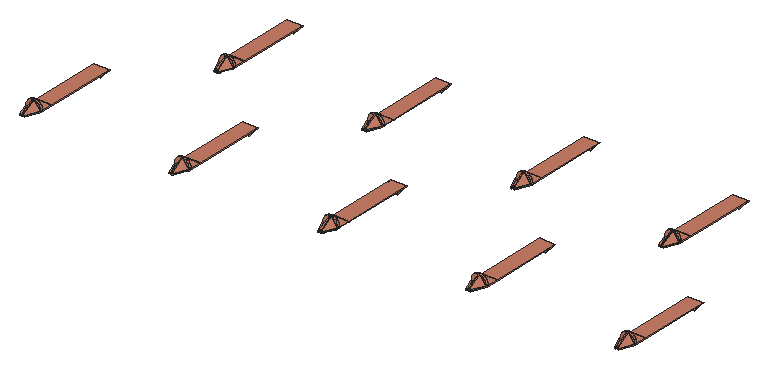
Revit family "Construction_Roof-Accessories_Alpine-SnowGuards_PD10R", category Specialty Equipment, host Face, Revit 2019
Family settings
  Host = Face
  Round Connector Dimension = Use Diameter
  Part Type = Normal
  OmniClass Number = 23.35.20.31.27.14
  OmniClass Title = Snow Guards
  Cut with Voids When Loaded = No
  Shared = No
  Room Calculation Point = No
Parameters (values of type "2x2 Pattern – Two Row")
  z_Option3 = Row Options : Three Rows
  z_Option2 = Row Options : Two Rows
  z_Option1 = Row Options : One Row
  Z_Vertical Spacing = if(Vertical Spacing = 0", 12", Vertical Spacing)  # 24"
  Z_Three Rows [instance] = and((Length > 2 * Z_Horizontal Spacing), Number of Rows = z_Option3)  # no
  Z_Three Row Second Pad [instance] = and(not(or(Z_Three Rows, Z_Two Rows, Z_Custom Row, Number of Rows = z_Option2, Z_CR)), Z_Length > Z_Horizontal Spacing)  # no
  Z_Three Row First Pad [instance] = not(or(Z_Three Rows, Z_Two Rows, Z_Custom Row, Number of Rows = z_Option2, Z_CR))  # no
  Z_Second Row Number [instance] = Z_Number of Pads Control - 1  # 4
  Z_Two Row First Pad [instance] = and(not(or(Z_Three Rows, Z_Two Rows, Z_Custom Row, Z_CR)), or(Z_Length = Z_Horizontal Spacing / 2, Z_Length > Z_Horizontal Spacing / 2))  # no
  Z_Second Row [instance] = Z_Horizontal Spacing / 2  # 12"
  Z_Length [instance] = if(Length < Z_Horizontal Spacing / 2, Z_Horizontal Spacing / 2, Length)  # 100"
  Z_Horizontal Spacing = if(Horizontal Spacing = 0", 24", Horizontal Spacing)  # 24"
  Z_Distance between Pads [instance] = Length / (Z_Number of Pads Control - 1)  # 25"
  Z_Custom Row Second Pad [instance] = and(not(or(Z_Three Rows, Z_Two Rows, Z_Custom Row)), Z_Length > Z_Horizontal Spacing)  # no
  Z_Custom Row First Pad [instance] = not(or(Z_Three Rows, Z_Two Rows))  # no
  Z_Custom Row [instance] = and((Length > 2 * Z_Horizontal Spacing), or(Number of Rows = z_Option1, Number of Rows = z_Option2, Number of Rows = z_Option3))  # yes
  Z_CR = no
  Vertical Spacing = 24"
  URL = "https://www.alpinesnowguards.com/model/pd10r?utm_source=bimobject&utm_medium=productlisting&utm_campaign=2022marketing"
  Z_Two Rows [instance] = and((Length > 2 * Z_Horizontal Spacing), or(Number of Rows = z_Option2, Number of Rows = z_Option3))  # yes
  Surface Offset [instance] = 0"
  Strap Length [instance] = 13 5/8"
  Standard Layouts [instance] = "Standard layouts are shown. Custom layouts are available, please contact Alpine Snow Guard to discuss."  # constant formula
  Snow Guard Count [instance] = if(and(Number of Rows = z_Option1, and(Length > 24", Length < 49")), 2, if(and(Number of Rows = z_Option1, or(Length = 0", Length < 25")), 1, if(and(Number of Rows = z_Option2, or(Length = 0", Length < 25")), 2, if(and(Number of Rows = z_Option3, and(Length > 24", Length < 49")), 5, if(Z_Three Rows, 2 * Z_Number of Pads Control + Z_Second Row Number, if(Z_Two Rows, Z_Number of Pads Control + Z_Second Row Number, Z_Number of Pads Control))))))  # 9
  Product data url = "https://www.bimobject.com/en-us/alpine-snowguards/product/pd10r_retrofit_half_round_pad_style_snow_guard"
  Product Material = Alpine SnowGuards - Copper - Mill Finish
  Product Guid = "6b343875-84f6-4f56-a04c-9ff9d4e52441"
  Z_Number of Pads Control [instance] = if((Z_Length / Z_Horizontal Spacing + 1) < 3, 3, rounddown(Z_Length / Z_Horizontal Spacing + 1))  # 5
  Number of Rows = Row Options : Two Rows
  Length Note [instance] = "To show a single SnowGuard in the Row, please set Length to 0"  # constant formula
  Model = if(PD 100FR, "PD 100FR", "PD 10R")  # "PD 10R"
  Manufacturer = "Alpine SnowGuards"  # constant formula
  PD 100FR = no
  Length [instance] = 100"
  Keynote = "07720"
  IMPORTANT [instance] = "All layouts begin with a 3-row pattern."  # constant formula
  Horizontal Spacing = 24"
  Hook Length [instance] = 1 1/4"
  Edition number = 1
  Description = "PD10R (Retrofit) Half Round Pad Style Snow Guard"  # constant formula
  Default Elevation = 48"
  Assembly Code = "B3010"
Types (6): name | Z_Vertical Spacing | Z_Three Rows | Z_Second Row Number | Z_Second Row | Z_Horizontal Spacing | Z_Distance between Pads | Z_Custom Row First Pad | Z_CR | Vertical Spacing | Z_Two Rows | Snow Guard Count | Z_Number of Pads Control | Number of Rows | Horizontal Spacing
  (no name) | 24" | no | 4 | 12" | 24" | 25" | no | no | 24" | yes | 9 | 5 | Row Options : Two Rows | 24"
  3-Row Pattern | 12" | yes | 4 | 12" | 24" | 25" | no | no | 12" | yes | 14 | 5 | Row Options : Three Rows | 24"
  2x4 Pattern – Two Row | 24" | no | 2 | 24" | 48" | 50" | no | no | 24" | yes | 5 | 3 | Row Options : Two Rows | 48"
  2x3 Pattern – Two Row | 24" | no | 2 | 18" | 36" | 50" | no | no | 24" | yes | 5 | 3 | Row Options : Two Rows | 36"
  2x2 Pattern – Two Row | 24" | no | 4 | 12" | 24" | 25" | no | no | 24" | yes | 9 | 5 | Row Options : Two Rows | 24"
  Custom – Single Row | 12" | no | 4 | 12" | 24" | 25" | yes | yes | 0" | no | 5 | 5 | Row Options : One Row | 24"
Reference planes (in)
  plane 1 "Center (Front/Back)": y = 0
  plane 2: z = 0
  plane 3 "Center (Left/Right)": x = 0
  plane 4: x = 100
  plane 5: y = 24
  plane 6: y = 48
  plane 7: x = 12
  plane 8: x = 24
  plane 9: x = 36
Dimensions and locks (in)
  "Z_Length": plane 3 "Center (Left/Right)" to plane 4
  "Z_Vertical Spacing": plane 1 "Center (Front/Back)" to plane 5
  "Z_Vertical Spacing": plane 6 to plane 5
  "Z_Horizontal Spacing": plane 3 "Center (Left/Right)" to plane 8
  equal spacing: group 1, group 2, group 3, group 9, group 10  (x3)
  equal spacing: group 4, group 5, group 6, group 11, group 12  (x3)
  "Z_Horizontal Spacing": plane 7 to plane 9
  equal spacing: group 7, group 8, group 13, group 14  (x3)
  equal spacing: plane 3 "Center (Left/Right)", plane 7, plane 8
  aligned and locked: host face to plane 2
  aligned and locked: host face to level
  aligned and locked: plane 1 "Center (Front/Back)" to nested 1
  aligned and locked: plane 3 "Center (Left/Right)" to nested 1
  aligned and locked: plane 7 to nested 2
  aligned and locked: nested 2 to plane 5
  aligned and locked: plane 3 "Center (Left/Right)" to nested 3
  aligned and locked: nested 3 to plane 6
  aligned and locked: plane 8 to nested 4
  aligned and locked: plane 8 to nested 6
  aligned and locked: plane 9 to nested 8
  aligned and locked: nested 6 to plane 6
  aligned and locked: nested 8 to plane 5
  aligned and locked: plane 1 "Center (Front/Back)" to nested 9
  aligned and locked: plane 1 "Center (Front/Back)" to nested 10
  aligned and locked: nested 11 to plane 5
  aligned and locked: nested 12 to plane 6
  aligned and locked: nested 13 to plane 6
  aligned and locked: plane 3 "Center (Left/Right)" to nested 9
  aligned and locked: plane 7 to nested 11
  aligned and locked: plane 8 to nested 10
  aligned and locked: plane 3 "Center (Left/Right)" to nested 12
  aligned and locked: plane 8 to nested 13
Automatic sketch dimensions
  host sketch curve to host sketch curve = 167.34463"
  host sketch curve to host sketch curve = 121.14631"
Nested families (in)
  nested 1: "Construction_Roof-Accessories_Alpine-SnowGuards_Pad-PD10R" at (0, 0, 0), Product Material <- "Product Material", F <- "PD 100FR", visible <- "Z_Custom Row", Surface Offset <- "Surface Offset", Strap Length <- "Strap Length", Hook Length <- "Hook Length", type "Construction_Roof-Accessories_Alpine-SnowGuards_Pad-PD10R"
    with x 13 5/8", T 1 1/4", Surface Offset 0", Strap Length 13 5/8", Product Material Alpine SnowGuards - Copper - Mill Finish, Hook Length 1 1/4", F no
  nested 2: "Construction_Roof-Accessories_Alpine-SnowGuards_Pad-PD10R" at (12, 24, 0), Product Material <- "Product Material", F <- "PD 100FR", visible <- "Z_Two Rows", Surface Offset <- "Surface Offset", Strap Length <- "Strap Length", Hook Length <- "Hook Length", type "Construction_Roof-Accessories_Alpine-SnowGuards_Pad-PD10R"
    with x 13 5/8", T 1 1/4", Surface Offset 0", Strap Length 13 5/8", Product Material Alpine SnowGuards - Copper - Mill Finish, Hook Length 1 1/4", F no
  nested 3: "Construction_Roof-Accessories_Alpine-SnowGuards_Pad-PD10R" at (0, 48, 0), Product Material <- "Product Material", F <- "PD 100FR", visible <- "Z_Three Rows", Strap Length <- "Strap Length", Surface Offset <- "Surface Offset", Hook Length <- "Hook Length", type "Construction_Roof-Accessories_Alpine-SnowGuards_Pad-PD10R"
    with x 13 5/8", T 1 1/4", Surface Offset 0", Strap Length 13 5/8", Product Material Alpine SnowGuards - Copper - Mill Finish, Hook Length 1 1/4", F no
  nested 4: "Construction_Roof-Accessories_Alpine-SnowGuards_Pad-PD10R" at (24, 0, 0), Product Material <- "Product Material", F <- "PD 100FR", visible <- "Z_Custom Row", Surface Offset <- "Surface Offset", Strap Length <- "Strap Length", Hook Length <- "Hook Length", type "Construction_Roof-Accessories_Alpine-SnowGuards_Pad-PD10R"
    with x 13 5/8", T 1 1/4", Surface Offset 0", Strap Length 13 5/8", Product Material Alpine SnowGuards - Copper - Mill Finish, Hook Length 1 1/4", F no
  nested 5: "Construction_Roof-Accessories_Alpine-SnowGuards_Pad-PD10R" at (48, 0, 0), Product Material <- "Product Material", F <- "PD 100FR", visible <- "Z_Custom Row", Surface Offset <- "Surface Offset", Strap Length <- "Strap Length", Hook Length <- "Hook Length", type "Construction_Roof-Accessories_Alpine-SnowGuards_Pad-PD10R"
    with x 13 5/8", T 1 1/4", Surface Offset 0", Strap Length 13 5/8", Product Material Alpine SnowGuards - Copper - Mill Finish, Hook Length 1 1/4", F no
  nested 6: "Construction_Roof-Accessories_Alpine-SnowGuards_Pad-PD10R" at (24, 48, 0), Product Material <- "Product Material", F <- "PD 100FR", visible <- "Z_Three Rows", Strap Length <- "Strap Length", Surface Offset <- "Surface Offset", Hook Length <- "Hook Length", type "Construction_Roof-Accessories_Alpine-SnowGuards_Pad-PD10R"
    with x 13 5/8", T 1 1/4", Surface Offset 0", Strap Length 13 5/8", Product Material Alpine SnowGuards - Copper - Mill Finish, Hook Length 1 1/4", F no
  nested 7: "Construction_Roof-Accessories_Alpine-SnowGuards_Pad-PD10R" at (48, 48, 0), Product Material <- "Product Material", F <- "PD 100FR", visible <- "Z_Three Rows", Strap Length <- "Strap Length", Surface Offset <- "Surface Offset", Hook Length <- "Hook Length", type "Construction_Roof-Accessories_Alpine-SnowGuards_Pad-PD10R"
    with x 13 5/8", T 1 1/4", Surface Offset 0", Strap Length 13 5/8", Product Material Alpine SnowGuards - Copper - Mill Finish, Hook Length 1 1/4", F no
  nested 8: "Construction_Roof-Accessories_Alpine-SnowGuards_Pad-PD10R" at (36, 24, 0), Product Material <- "Product Material", F <- "PD 100FR", visible <- "Z_Two Rows", Surface Offset <- "Surface Offset", Strap Length <- "Strap Length", Hook Length <- "Hook Length", type "Construction_Roof-Accessories_Alpine-SnowGuards_Pad-PD10R"
    with x 13 5/8", T 1 1/4", Surface Offset 0", Strap Length 13 5/8", Product Material Alpine SnowGuards - Copper - Mill Finish, Hook Length 1 1/4", F no
  nested 9: "Construction_Roof-Accessories_Alpine-SnowGuards_Pad-PD10R" at (0, 0, 0), F <- "PD 100FR", Surface Offset <- "Surface Offset", Strap Length <- "Strap Length", Product Material <- "Product Material", visible <- "Z_Custom Row First Pad", Hook Length <- "Hook Length", type "Construction_Roof-Accessories_Alpine-SnowGuards_Pad-PD10R"
    with x 13 5/8", T 1 1/4", Surface Offset 0", Strap Length 13 5/8", Product Material Alpine SnowGuards - Copper - Mill Finish, Hook Length 1 1/4", F no
  nested 10: "Construction_Roof-Accessories_Alpine-SnowGuards_Pad-PD10R" at (24, 0, 0), F <- "PD 100FR", Surface Offset <- "Surface Offset", Strap Length <- "Strap Length", Product Material <- "Product Material", visible <- "Z_Custom Row Second Pad", Hook Length <- "Hook Length", type "Construction_Roof-Accessories_Alpine-SnowGuards_Pad-PD10R"
    with x 13 5/8", T 1 1/4", Surface Offset 0", Strap Length 13 5/8", Product Material Alpine SnowGuards - Copper - Mill Finish, Hook Length 1 1/4", F no
  nested 11: "Construction_Roof-Accessories_Alpine-SnowGuards_Pad-PD10R" at (12, 24, 0), Product Material <- "Product Material", Strap Length <- "Strap Length", Surface Offset <- "Surface Offset", F <- "PD 100FR", visible <- "Z_Two Row First Pad", Hook Length <- "Hook Length", type "Construction_Roof-Accessories_Alpine-SnowGuards_Pad-PD10R"
    with x 13 5/8", T 1 1/4", Surface Offset 0", Strap Length 13 5/8", Product Material Alpine SnowGuards - Copper - Mill Finish, Hook Length 1 1/4", F no
  nested 12: "Construction_Roof-Accessories_Alpine-SnowGuards_Pad-PD10R" at (0, 48, 0), Product Material <- "Product Material", Strap Length <- "Strap Length", Surface Offset <- "Surface Offset", F <- "PD 100FR", visible <- "Z_Three Row First Pad", Hook Length <- "Hook Length", type "Construction_Roof-Accessories_Alpine-SnowGuards_Pad-PD10R"
    with x 13 5/8", T 1 1/4", Surface Offset 0", Strap Length 13 5/8", Product Material Alpine SnowGuards - Copper - Mill Finish, Hook Length 1 1/4", F no
  nested 13: "Construction_Roof-Accessories_Alpine-SnowGuards_Pad-PD10R" at (24, 48, 0), Product Material <- "Product Material", Strap Length <- "Strap Length", Surface Offset <- "Surface Offset", F <- "PD 100FR", visible <- "Z_Three Row Second Pad", Hook Length <- "Hook Length", type "Construction_Roof-Accessories_Alpine-SnowGuards_Pad-PD10R"
    with x 13 5/8", T 1 1/4", Surface Offset 0", Strap Length 13 5/8", Product Material Alpine SnowGuards - Copper - Mill Finish, Hook Length 1 1/4", F no
  nested 14: "Construction_Roof-Accessories_Alpine-SnowGuards_Pad-PD10R" at (72, 0, 0), Product Material <- "Product Material", F <- "PD 100FR", visible <- "Z_Custom Row", Surface Offset <- "Surface Offset", Strap Length <- "Strap Length", Hook Length <- "Hook Length", type "Construction_Roof-Accessories_Alpine-SnowGuards_Pad-PD10R"
    with x 13 5/8", T 1 1/4", Surface Offset 0", Strap Length 13 5/8", Product Material Alpine SnowGuards - Copper - Mill Finish, Hook Length 1 1/4", F no
  nested 15: "Construction_Roof-Accessories_Alpine-SnowGuards_Pad-PD10R" at (96, 0, 0), Product Material <- "Product Material", F <- "PD 100FR", visible <- "Z_Custom Row", Surface Offset <- "Surface Offset", Strap Length <- "Strap Length", Hook Length <- "Hook Length", type "Construction_Roof-Accessories_Alpine-SnowGuards_Pad-PD10R"
    with x 13 5/8", T 1 1/4", Surface Offset 0", Strap Length 13 5/8", Product Material Alpine SnowGuards - Copper - Mill Finish, Hook Length 1 1/4", F no
  nested 16: "Construction_Roof-Accessories_Alpine-SnowGuards_Pad-PD10R" at (72, 48, 0), Product Material <- "Product Material", F <- "PD 100FR", visible <- "Z_Three Rows", Strap Length <- "Strap Length", Surface Offset <- "Surface Offset", Hook Length <- "Hook Length", type "Construction_Roof-Accessories_Alpine-SnowGuards_Pad-PD10R"
    with x 13 5/8", T 1 1/4", Surface Offset 0", Strap Length 13 5/8", Product Material Alpine SnowGuards - Copper - Mill Finish, Hook Length 1 1/4", F no
  nested 17: "Construction_Roof-Accessories_Alpine-SnowGuards_Pad-PD10R" at (96, 48, 0), Product Material <- "Product Material", F <- "PD 100FR", visible <- "Z_Three Rows", Strap Length <- "Strap Length", Surface Offset <- "Surface Offset", Hook Length <- "Hook Length", type "Construction_Roof-Accessories_Alpine-SnowGuards_Pad-PD10R"
    with x 13 5/8", T 1 1/4", Surface Offset 0", Strap Length 13 5/8", Product Material Alpine SnowGuards - Copper - Mill Finish, Hook Length 1 1/4", F no
  nested 18: "Construction_Roof-Accessories_Alpine-SnowGuards_Pad-PD10R" at (60, 24, 0), Product Material <- "Product Material", F <- "PD 100FR", visible <- "Z_Two Rows", Surface Offset <- "Surface Offset", Strap Length <- "Strap Length", Hook Length <- "Hook Length", type "Construction_Roof-Accessories_Alpine-SnowGuards_Pad-PD10R"
    with x 13 5/8", T 1 1/4", Surface Offset 0", Strap Length 13 5/8", Product Material Alpine SnowGuards - Copper - Mill Finish, Hook Length 1 1/4", F no
  nested 19: "Construction_Roof-Accessories_Alpine-SnowGuards_Pad-PD10R" at (84, 24, 0), Product Material <- "Product Material", F <- "PD 100FR", visible <- "Z_Two Rows", Surface Offset <- "Surface Offset", Strap Length <- "Strap Length", Hook Length <- "Hook Length", type "Construction_Roof-Accessories_Alpine-SnowGuards_Pad-PD10R"
    with x 13 5/8", T 1 1/4", Surface Offset 0", Strap Length 13 5/8", Product Material Alpine SnowGuards - Copper - Mill Finish, Hook Length 1 1/4", F no
Definition of nested family "Construction_Roof-Accessories_Alpine-SnowGuards_Pad-PD10R"
  Parameters (values of type "Construction_Roof-Accessories_Alpine-SnowGuards_Pad-PD10R")
    x [instance] = if(Strap Length < 2 1/2", 2 1/2", Strap Length)  # 15 5/8"
    T [instance] = if(Hook Length < 1" / 2, 1" / 2, Hook Length)  # 1 1/4"
    Surface Offset [instance] = 0"
    Strap Length [instance] = 15 5/8"
    Product Material [instance] = none
    Hook Length [instance] = 1 1/4"
    F [instance] = yes
  Reference planes (in)
    plane 1 "Center (Front/Back)": y = 0
    plane 2: z = 0
    plane 3 "Center (Left/Right)": x = 0
    plane 4: y = -2.375
    plane 5: z = 1.5
    plane 6: x = -1.25
    plane 7: x = 1.25
    plane 8: z = 2.6875
    plane 9: y = 15.625
    plane 10: y = 15.125
    plane 11: z = 0
    plane 12: z = 0.10624
  Forms (in)
    Extrusion 1, solid, material <- "Product Material", detail levels fine
      sketch origin (0, 0, 0.03424) x (1, 0, 0) y (0, 0, 1)
        loop
          line (1.25, -0.03424) -> (1.25, 0.2105)
          arc (1.25, 0.2105) -> (0, 1.4605) -> (-1.25, 0.2105) r 1.25
          line (-1.25, 0.2105) -> (-1.25, -0.03424) -> (1.25, -0.03424)
      from 0 to 0.1978
    Sweep 2, solid, material <- "Product Material", detail levels fine
      path origin (1.2331, 0.04673, 0.03865) x (0.999641, 0.026785, -0.001071) y (-0.026787, 0.99964, -0.001779)
        loop
          line (-2.05752, 0.18662) -> (-1.07653, -2.30301)
      profile origin (-0.30501, -1.05306, 0.04221) x (0.920225, 0.391387, -0.001649) y (0.001023, 0.001807, 0.999998)
        loop
          line (-0.41438, -0.03769) -> (-0.37639, -0.03494) -> (0.58935, 1.35985) -> (0.55134, 1.35706) -> (-0.41438, -0.03769)
    Extrusion 3, void
      sketch origin (0, 0, 0.03424) x (0, 1, 0) y (0, 0, 1)
        loop
          line (-0.15101, 1.42347) -> (-0.15101, 1.59635) -> (-2.55379, 1.59635) -> (-2.55379, -0.1778) -> (0.46654, -0.1778) -> (0.46654, 1.37647) -> (-0.1978, 1.37647) -> (-0.1978, 0.072) -> (-2.40838, 0.072) -> (-0.15101, 1.42347)
      from -2.2317 to 1.92901
    Sweep 4, solid, material <- "Product Material", detail levels fine
      path origin (-1.2331, 0.04673, 0.03865) x (-0.999641, 0.026785, -0.001071) y (-0.026787, -0.99964, 0.001779)
        loop
          line (-2.05752, -0.18662) -> (-1.07653, 2.30301)
      profile origin (0.30501, -1.05306, 0.04221) x (0.920225, -0.391387, 0.001649) y (-0.001023, 0.001807, 0.999998)
        loop
          line (0.41438, -0.03769) -> (-0.55134, 1.35706) -> (-0.58935, 1.35985) -> (0.37639, -0.03494) -> (0.41438, -0.03769)
    Extrusion 5, solid, material <- "Product Material", detail levels fine
      sketch origin (0, -0.23657, 1.40648) x (0, -0.857988, -0.51367) y (1, 0, 0)
        loop
          line (2.53128, -0.10391) -> (2.53128, 0.10391) -> (-0.04787, 0.04282) -> (-0.04787, -0.04282) -> (2.53128, -0.10391)
      from 0 to 0.02578
    Sweep 6, void
      path origin (0, 0, 0.03424) x (1, 0, 0) y (0, 0, 1)
        loop
          line (-1.26245, -0.03424) -> (-1.26245, 0.2105)
          arc (-1.26245, 0.2105) -> (0, 1.47295) -> (1.26245, 0.2105) r 1.26245
          line (1.26245, 0.2105) -> (1.26245, -0.03424)
      profile origin (-1.26245, 0, 0.12237) x (-1, 0, 0) y (0, -1, 0)
        loop
          line (-0.00526, -0.02577) -> (-0.00526, 0.1978) -> (-0.06762, 0.1978) -> (-0.00526, -0.02577)
    Extrusion 7, void
      sketch origin (0, 0, 0) x (0, 1, 0) y (0, 0, 1)
        loop
          line (-2.375, 0.26156) -> (-2.625, 0.26156) -> (-2.625, -0.08571) -> (-2.375, -0.08571) -> (-2.375, 0.26156)
      from -0.20134 to 0.28095
    Extrusion 8, solid, material <- "Product Material", detail levels fine
      sketch origin (0, 0, 0) x (1, 0, 0) y (0, 1, 0)
        loop
          line (-1.20009, -0.1978) -> (-1.20009, -0.44408) -> (-0.38047, -2.375) -> (-0.11807, -2.375) -> (-1.04182, -0.1978) -> (-1.20009, -0.1978)
        loop
          line (1.20009, -0.1978) -> (1.04182, -0.1978) -> (0.11807, -2.375) -> (0.38047, -2.375) -> (1.20009, -0.44408) -> (1.20009, -0.1978)
      from 0 to 0.10624
    Extrusion 9, solid, material <- "Product Material", detail levels coarse+medium
      sketch origin (0, 0, 0) x (1, 0, 0) y (0, 0, 1)
        loop
          line (-1.25, 0) -> (1.25, 0) -> (1.25, 0.24474)
          arc (1.25, 0.24474) -> (0, 1.49474) -> (-1.25, 0.24474) r 1.25
          line (-1.25, 0.24474) -> (-1.25, 0)
      from 0 to 2.375
    Extrusion 10, solid, material <- "Product Material", visible <- "F", detail levels fine
      sketch origin (0, 0, 0) x (1, 0, 0) y (0, 0, 1)
        loop
          arc (-1.24367, 0.11913) -> (0, 1.49474) -> (1.24367, 0.11913) r 1.25
          line (1.24367, 0.11913) -> (1.49571, 0.11913) -> (1.49571, 0.24095)
          arc (1.49571, 0.24095) -> (1.65445, 0.44682) -> (1.89391, 0.34565) r 0.21286
          arc (1.89391, 0.34565) -> (1.9182, 0.33046) -> (1.94415, 0.34257) r 0.03
          arc (1.94415, 0.34257) -> (2.09853, 0.65809) -> (2.13082, 1.00787) r 0.97307
          arc (2.13082, 1.00787) -> (1.56654, 1.72665) -> (0.65273, 1.72878) r 1.04729
          arc (0.65273, 1.72878) -> (0.66656, 2.06986) -> (0.4432, 2.32801) r 0.46375
          arc (0.4432, 2.32801) -> (0.22443, 2.50806) -> (0.02246, 2.70678) r 3.19618
          arc (0.02246, 2.70678) -> (0.00781, 2.71316) -> (-0.00683, 2.70678) r 0.02
          arc (-0.00683, 2.70678) -> (-0.20217, 2.51405) -> (-0.41331, 2.33878) r 3.19618
          arc (-0.41331, 2.33878) -> (-0.65454, 2.0814) -> (-0.64492, 1.72878) r 0.46375
          arc (-0.64492, 1.72878) -> (-1.55873, 1.72665) -> (-2.123, 1.00787) r 1.04729
          arc (-2.123, 1.00787) -> (-2.09072, 0.65809) -> (-1.93634, 0.34257) r 0.97307
          arc (-1.93634, 0.34257) -> (-1.91039, 0.33046) -> (-1.8861, 0.34565) r 0.03
          arc (-1.8861, 0.34565) -> (-1.64664, 0.44682) -> (-1.4879, 0.24095) r 0.21286
          line (-1.4879, 0.24095) -> (-1.4879, 0.11913) -> (-1.24367, 0.11913)
      from 0 to -0.01759
    Extrusion 11, solid, material <- "Product Material", visible <- "F", detail levels coarse+medium
      sketch origin (0, 0, 0) x (1, 0, 0) y (0, 0, 1)
        loop
          line (-2.123, 0.11913) -> (2.13082, 0.11913) -> (2.13082, 0.5916)
          arc (2.13082, 0.5916) -> (0.00391, 2.7185) -> (-2.123, 0.5916) r 2.12691
          line (-2.123, 0.5916) -> (-2.123, 0.11913)
      from 0 to -0.01759
    Extrusion 12, solid, material <- "Product Material"
      sketch origin (0, 0, 0) x (1, 0, 0) y (0, 1, 0)
        loop
          line (-1.25, 15.625) -> (-1.25, 2) -> (1.25, 2) -> (1.25, 15.625) -> (-1.25, 15.625)
      from 0 to 0.10624
    Extrusion 13, solid, material <- "Product Material"
      sketch origin (0, 0, 0) x (0, 1, 0) y (0, 0, 1)
        loop
          line (15.125, 0) -> (15, 0) -> (13.78204, -0.28119) -> (13.90704, -0.28119) -> (15.125, 0)
      from -1.25 to 1.25
    Extrusion 14, solid, material <- "Product Material"
      sketch origin (0, 0, 0) x (1, 0, 0) y (0, 1, 0)
        loop
          line (-1.25, 2) -> (-1.25, 0) -> (1.25, 0) -> (1.25, 2) -> (-1.25, 2)
      from 0 to 0.10624
  Cuts and joins
    Extrusion 3, Extrusion 7 cuts Sweep 2
    Extrusion 3, Extrusion 7 cuts Sweep 4
    Extrusion 7 cuts Extrusion 5
    Sweep 6 cuts Extrusion 1
  Dimensions and locks (in)
    locked: plane 4 to plane 1 "Center (Front/Back)" at 2.375
    locked: plane 5 to plane 2 at 1.5
    plane 7 to plane 6 = 2 1/2"
    equal spacing: plane 6, plane 3 "Center (Left/Right)", plane 7
    locked: plane 6 to plane 7 at 2.5
    locked: plane 8 to level at 2.6875
    "x": plane 9 to plane 1 "Center (Front/Back)"
    locked: plane 9 to plane 10 at 0.5
    "T": Extrusion 13 sketch curve to Extrusion 13 sketch curve
    locked: plane 1 "Center (Front/Back)" to Extrusion 14 sketch curve at 2
    locked: plane 11 to plane 12 at 0.10624
    "Surface Offset": level to plane 11
    locked: plane 1 "Center (Front/Back)" to Extrusion 12 sketch curve at 2
    locked: Extrusion 13 sketch curve to Extrusion 13 sketch curve at 0.02812
    locked: Extrusion 13 sketch curve to plane 11 (angle 13.00°)
    aligned and locked: level to plane 2
    aligned and locked: plane 7 to Extrusion 12 sketch curve
    aligned and locked: plane 6 to Extrusion 12 sketch curve
    aligned and locked: plane 9 to Extrusion 12 sketch curve
    aligned and locked: Extrusion 13 to plane 6
    aligned and locked: Extrusion 13 to plane 7
    aligned and locked: plane 6 to Extrusion 14 sketch curve
    aligned and locked: plane 7 to Extrusion 14 sketch curve
    aligned and locked: Extrusion 14 sketch curve to plane 1 "Center (Front/Back)"
    aligned and locked: plane 11 to Extrusion 12
    aligned and locked: Extrusion 12 to plane 12
    aligned and locked: plane 11 to Extrusion 13 sketch curve
  Automatic sketch dimensions
    Extrusion 1 sketch curve to level = 0"
    Extrusion 1 sketch curve to plane 6 = 0"
    Extrusion 1 sketch curve to plane 3 "Center (Left/Right)" = 0"
    level to Extrusion 1 sketch curve = 0.24474"
    Sweep 2 sketch curve to Sweep 2 sketch curve = 0.98099"
    Sweep 2 sketch curve to Sweep 2 sketch curve = 2.48963"
    Sweep 2 sketch curve to profile plane = 0.03769"
    profile plane to Sweep 2 sketch curve = 0.41438"
    Sweep 2 sketch curve to profile plane = 0.03494"
    Sweep 2 sketch curve to Sweep 2 sketch curve = 0.03799"
    Sweep 2 sketch curve to profile plane = 0.55134"
    Sweep 2 sketch curve to Sweep 2 sketch curve = 0.03801"
    profile plane to Sweep 2 sketch curve = 1.35706"
    Sweep 2 sketch curve to Sweep 2 sketch curve = 0.00279"
    Extrusion 3 sketch curve to plane 4 = 0.17879"
    Extrusion 3 sketch curve to plane 4 = 0.03338"
    Extrusion 3 sketch curve to plane 5 = 0.08929"
    plane 1 "Center (Front/Back)" to Extrusion 3 sketch curve = 0.1978"
    plane 1 "Center (Front/Back)" to Extrusion 3 sketch curve = 0.15101"
    Extrusion 3 sketch curve to level = 0.14356"
    Extrusion 3 sketch curve to plane 1 "Center (Front/Back)" = 0.46654"
    level to Extrusion 3 sketch curve = 0.10624"
    Extrusion 3 sketch curve to plane 5 = 0.04229"
    plane 5 to Extrusion 3 sketch curve = 0.13059"
    Sweep 4 sketch curve to Sweep 4 sketch curve = 0.98099"
    Sweep 4 sketch curve to Sweep 4 sketch curve = 2.48963"
    profile plane to Sweep 4 sketch curve = 0.58935"
    Sweep 4 sketch curve to Sweep 4 sketch curve = 0.03801"
    Sweep 4 sketch curve to profile plane = 0.03494"
    Sweep 4 sketch curve to profile plane = 0.37639"
    Sweep 4 sketch curve to profile plane = 0.03769"
    Sweep 4 sketch curve to Sweep 4 sketch curve = 0.03799"
    profile plane to Sweep 4 sketch curve = 1.35706"
    Sweep 4 sketch curve to Sweep 4 sketch curve = 0.00279"
    Extrusion 5 sketch curve to plane 3 "Center (Left/Right)" = 0.04282"
    plane 3 "Center (Left/Right)" to Extrusion 5 sketch curve = 0.10391"
    Extrusion 5 sketch curve to Extrusion 5 sketch curve = 2.57915"
    Extrusion 5 sketch curve to plane 3 "Center (Left/Right)" = 0.10391"
    plane 3 "Center (Left/Right)" to Extrusion 5 sketch curve = 0.04282"
    Sweep 6 sketch curve to level = 0"  (x2)
    Sweep 6 sketch curve to plane 3 "Center (Left/Right)" = 0"
    Sweep 6 sketch curve to plane 6 = 0.01245"
    level to Sweep 6 sketch curve = 0.24474"
    profile plane to Sweep 6 sketch curve = 0.06762"
    profile plane to Sweep 6 sketch curve = 0.00526"
    Sweep 6 sketch curve to profile plane = 0.02577"
    profile plane to Sweep 6 sketch curve = 0.1978"
    Extrusion 7 sketch curve to plane 4 = 0"
    Extrusion 7 sketch curve to level = 0.08571"
    Extrusion 7 sketch curve to plane 4 = 1/4"
    level to Extrusion 7 sketch curve = 0.26156"
    Extrusion 8 sketch curve to plane 4 = 0"  (x2)
    plane 6 to Extrusion 8 sketch curve = 0.04991"
    Extrusion 8 sketch curve to Extrusion 8 sketch curve = 0.15827"
    Extrusion 8 sketch curve to plane 3 "Center (Left/Right)" = 0.38047"
    Extrusion 8 sketch curve to plane 3 "Center (Left/Right)" = 0.11807"
    plane 3 "Center (Left/Right)" to Extrusion 8 sketch curve = 0.11807"
    Extrusion 8 sketch curve to Extrusion 8 sketch curve = 0.2624"
    plane 7 to Extrusion 8 sketch curve = 0.20818"
    plane 7 to Extrusion 8 sketch curve = 0.04991"
    plane 1 "Center (Front/Back)" to Extrusion 8 sketch curve = 0.44408"  (x2)
    plane 1 "Center (Front/Back)" to Extrusion 8 sketch curve = 0.1978"  (x2)
    Extrusion 9 sketch curve to plane 6 = 0"
    Extrusion 9 sketch curve to plane 3 "Center (Left/Right)" = 0"
    Extrusion 9 sketch curve to level = 0"
    level to Extrusion 9 sketch curve = 0.24474"
    Extrusion 10 sketch curve to plane 3 "Center (Left/Right)" = 0"
    Extrusion 10 sketch curve to plane 3 "Center (Left/Right)" = 0.22099"
    plane 6 to Extrusion 10 sketch curve = 0.15038"
    plane 6 to Extrusion 10 sketch curve = 0.09618"
    plane 6 to Extrusion 10 sketch curve = 0.00633"
    level to Extrusion 10 sketch curve = 0.11913"
    Extrusion 10 sketch curve to plane 6 = 0.2379"
    Extrusion 10 sketch curve to Extrusion 10 sketch curve = 0.21286"  (x2)
    Extrusion 10 sketch curve to Extrusion 10 sketch curve = 0.21146"  (x2)
    Extrusion 10 sketch curve to plane 6 = 1.09726"
    plane 3 "Center (Left/Right)" to Extrusion 10 sketch curve = 1/128"
    plane 3 "Center (Left/Right)" to Extrusion 10 sketch curve = 0.2288"
    plane 7 to Extrusion 10 sketch curve = 0.14256"
    plane 7 to Extrusion 10 sketch curve = 0.08836"
    plane 7 to Extrusion 10 sketch curve = 0.00633"
    Extrusion 10 sketch curve to plane 7 = 0.24571"
    Extrusion 10 sketch curve to plane 7 = 1.11289"
    Extrusion 10 sketch curve to Extrusion 10 sketch curve = 0.12183"  (x2)
    level to Extrusion 10 sketch curve = 0.24474"
    Extrusion 10 sketch curve to Extrusion 10 sketch curve = 0.11945"  (x2)
    Extrusion 10 sketch curve to Extrusion 10 sketch curve = 0.54439"  (x2)
    Extrusion 10 sketch curve to Extrusion 10 sketch curve = 0.13561"  (x2)
    plane 5 to Extrusion 10 sketch curve = 0.41679"  (x2)
    Extrusion 10 sketch curve to Extrusion 10 sketch curve = 0.77637"
    Extrusion 10 sketch curve to Extrusion 10 sketch curve = 2.19031"  (x2)
    Extrusion 10 sketch curve to plane 3 "Center (Left/Right)" = 0.00683"
    Extrusion 10 sketch curve to Extrusion 10 sketch curve = 0"  (x6)
    Extrusion 10 sketch curve to plane 3 "Center (Left/Right)" = 0.41331"
    plane 5 to Extrusion 10 sketch curve = 0.22878"  (x2)
    plane 3 "Center (Left/Right)" to Extrusion 10 sketch curve = 0.4432"
    level to Extrusion 11 sketch curve = 0.11913"
    Extrusion 11 sketch curve to plane 6 = 0.873"
    plane 3 "Center (Left/Right)" to Extrusion 11 sketch curve = 1/256"
    Extrusion 11 sketch curve to Extrusion 11 sketch curve = 0.47247"
    Extrusion 13 sketch curve to plane 10 = 0"
